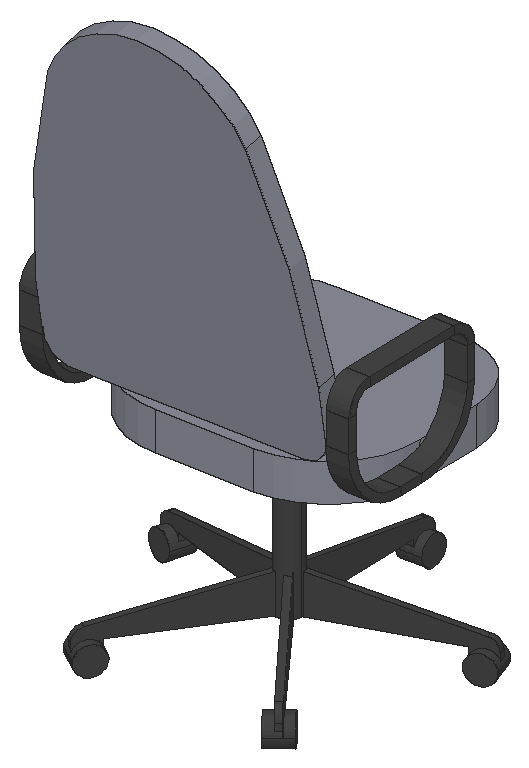
Revit family "518246f6c6eb44a38010b32f774079d0", category Furniture, Revit 2021
Family settings
  OmniClass Number = 23.40.20.14.14.11
  OmniClass Title = Chairs
  Seek Item ID = Chair-Executive-0000-USA-ENU
  Work Plane-Based = No
  Always vertical = Yes
  Cut with Voids When Loaded = No
  Shared = Yes
  Room Calculation Point = No
Parameters (values of type "Chair-Executive")
  Default Elevation = 0' - 0"
  Assembly Code = "E2020200"
  Base/Arms Material = Plastic, Opaque Black
  Casters Material = Plastic, Opaque Black
  Seat/Back Material = Textile - Slate Blue
Reference planes (in)
  plane 1 "Center (Front/Back)": y = 0.7459
  plane 2: z = 0
  plane 3 "Center (Left/Right)": x = 5.55082
  plane 4: x = 18.05082
  plane 5: x = -6.94918
  plane 6: y = -12.7541
  plane 7: y = 14.2459
  plane 8: z = 42
  plane 9 "Seat": z = 18
  plane 10: x = 7.55082
  plane 11: x = 3.55082
  plane 12: through (0, -5.18709, -0.91462) normal (0, -0.9848, -0.1736)
  plane 13: x = 16.30082
  plane 14: x = -5.19918
Forms (in)
  Extrusion 1, solid, material "Plastic, Opaque Black" <- "Base/Arms Material"
    sketch origin (7.55082, 0, 0) x (0, -1, 0) y (0, 0, 1)
      loop
        line (0.7541, 15.10959) -> (-2.7459, 15.10959) -> (-2.7459, 14.60959) -> (-0.7459, 11.14549) -> (0.7541, 11.14549) -> (0.7541, 15.10959)
    from 0 to 4
  Extrusion 2, solid, material "Plastic, Opaque Black" <- "Base/Arms Material"
    sketch origin (5.55082, 0, 0) x (0, 1, 0) y (0, 0, 1)
      loop
        line (0.7459, 2.10959) -> (12.2459, 2.10959) -> (12.2459, 1.10959) -> (14.2459, 1.10959) -> (14.2459, 2.0664)
        arc (14.2459, 2.0664) -> (14.01195, 2.70919) -> (13.41955, 3.05121) r 1
        line (13.41955, 3.05121) -> (1.7459, 5.10959) -> (0.7459, 5.10959) -> (0.7459, 2.10959)
    from 0.25 to -0.25
  Extrusion 3, solid, material "Plastic, Opaque Black" <- "Casters Material"
    sketch origin (5.55082, 0, 0) x (0, 1, 0) y (0, 0, 1)
      loop
        circle (13.2459, 1.10959) r 1.11025
    from 1 to -1
  Extrusion 4, solid, material "Plastic, Opaque Black" <- "Base/Arms Material"
    sketch origin (6.26021, 0.51541, 0) x (-0.951057, 0.309017, 0) y (0, 0, 1)
      loop
        line (0.7459, 2.10959) -> (12.2459, 2.10959) -> (12.2459, 1.10959) -> (14.2459, 1.10959) -> (14.2459, 2.0664)
        arc (14.2459, 2.0664) -> (14.01195, 2.70919) -> (13.41955, 3.05121) r 1
        line (13.41955, 3.05121) -> (1.7459, 5.10959) -> (0.7459, 5.10959) -> (0.7459, 2.10959)
    from 0.25 to -0.25
  Extrusion 5, solid, material "Plastic, Opaque Black" <- "Casters Material"
    sketch origin (6.26021, 0.51541, 0) x (-0.951057, 0.309017, 0) y (0, 0, 1)
      loop
        circle (13.2459, 1.10959) r 1.11025
    from 1 to -1
  Extrusion 6, solid, material "Plastic, Opaque Black" <- "Base/Arms Material"
    sketch origin (5.98925, 1.34935, 0) x (-0.587785, -0.809017, 0) y (0, 0, 1)
      loop
        line (0.7459, 2.10959) -> (12.2459, 2.10959) -> (12.2459, 1.10959) -> (14.2459, 1.10959) -> (14.2459, 2.0664)
        arc (14.2459, 2.0664) -> (14.01195, 2.70919) -> (13.41955, 3.05121) r 1
        line (13.41955, 3.05121) -> (1.7459, 5.10959) -> (0.7459, 5.10959) -> (0.7459, 2.10959)
    from 0.25 to -0.25
  Extrusion 7, solid, material "Plastic, Opaque Black" <- "Casters Material"
    sketch origin (5.98925, 1.34935, 0) x (-0.587785, -0.809017, 0) y (0, 0, 1)
      loop
        circle (13.2459, 1.10959) r 1.11025
    from 1 to -1
  Extrusion 8, solid, material "Plastic, Opaque Black" <- "Base/Arms Material"
    sketch origin (5.11239, 1.34935, 0) x (0.587785, -0.809017, 0) y (0, 0, 1)
      loop
        line (0.7459, 2.10959) -> (12.2459, 2.10959) -> (12.2459, 1.10959) -> (14.2459, 1.10959) -> (14.2459, 2.0664)
        arc (14.2459, 2.0664) -> (14.01195, 2.70919) -> (13.41955, 3.05121) r 1
        line (13.41955, 3.05121) -> (1.7459, 5.10959) -> (0.7459, 5.10959) -> (0.7459, 2.10959)
    from 0.25 to -0.25
  Extrusion 9, solid, material "Plastic, Opaque Black" <- "Casters Material"
    sketch origin (5.11239, 1.34935, 0) x (0.587785, -0.809017, 0) y (0, 0, 1)
      loop
        circle (13.2459, 1.10959) r 1.11025
    from 1 to -1
  Extrusion 10, solid, material "Plastic, Opaque Black" <- "Base/Arms Material"
    sketch origin (4.84143, 0.51541, 0) x (0.951057, 0.309017, 0) y (0, 0, 1)
      loop
        line (0.7459, 2.10959) -> (12.2459, 2.10959) -> (12.2459, 1.10959) -> (14.2459, 1.10959) -> (14.2459, 2.0664)
        arc (14.2459, 2.0664) -> (14.01195, 2.70919) -> (13.41955, 3.05121) r 1
        line (13.41955, 3.05121) -> (1.7459, 5.10959) -> (0.7459, 5.10959) -> (0.7459, 2.10959)
    from 0.25 to -0.25
  Extrusion 11, solid, material "Plastic, Opaque Black" <- "Casters Material"
    sketch origin (4.84143, 0.51541, 0) x (0.951057, 0.309017, 0) y (0, 0, 1)
      loop
        circle (13.2459, 1.10959) r 1.11025
    from 1 to -1
  Extrusion 12, solid, material "Plastic, Opaque Black" <- "Base/Arms Material"
    sketch origin (0, 0, 0) x (1, 0, 0) y (0, 1, 0)
      loop
        circle (5.55082, 0.7459) r 1
    from 2.10959 to 15.125
  Extrusion 13, solid, material "Textile - Slate Blue" <- "Seat/Back Material"
    sketch origin (0, 0, 0) x (1, 0, 0) y (0, 1, 0)
      loop
        arc (0.80082, 11.09827) -> (-3.44182, 9.34091) -> (-5.19918, 5.09827) r 6
        line (-5.19918, 5.09827) -> (-5.19918, -0.2541)
        arc (-5.19918, -0.2541) -> (-3.14893, -5.20385) -> (1.80082, -7.2541) r 7
        line (1.80082, -7.2541) -> (9.30082, -7.2541)
        arc (9.30082, -7.2541) -> (14.25057, -5.20385) -> (16.30082, -0.2541) r 7
        line (16.30082, -0.2541) -> (16.30082, 5.09827)
        arc (16.30082, 5.09827) -> (14.54346, 9.34091) -> (10.30082, 11.09827) r 6
        line (10.30082, 11.09827) -> (0.80082, 11.09827)
    from 15.10959 to 18
  Extrusion 14, solid, material "Textile - Slate Blue" <- "Seat/Back Material"
    sketch origin (0, -5.18709, -0.91462) x (0, 0.173648, -0.984808) y (1, 0, 0)
      loop
        line (-21.04394, -3.19918) -> (-21.04394, 14.30082)
        arc (-21.04394, 14.30082) -> (-21.62973, 15.71503) -> (-23.04394, 16.30082) r 2
        line (-23.04394, 16.30082) -> (-27.04394, 16.30082)
        arc (-27.04394, 16.30082) -> (-35.47709, 15.26623) -> (-43.67955, 13.05082) r 60
        arc (-43.67955, 13.05082) -> (-48.89567, 5.55082) -> (-43.67955, -1.94918) r 8
        arc (-43.67955, -1.94918) -> (-35.47709, -4.16459) -> (-27.04394, -5.19918) r 60
        line (-27.04394, -5.19918) -> (-23.04394, -5.19918)
        arc (-23.04394, -5.19918) -> (-21.62973, -4.61339) -> (-21.04394, -3.19918) r 2
    from 0 to -1.5
  Sweep 15, solid, material "Plastic, Opaque Black" <- "Base/Arms Material"
    path origin (16.30082, 0, 0) x (0, 1, 0) y (0, 0, 1)
      loop
        arc (-2.2541, 16.5) -> (1.28144, 17.96447) -> (2.7459, 21.5) r 5
        line (2.7459, 21.5) -> (2.7459, 24)
        arc (2.7459, 24) -> (2.16012, 25.41421) -> (0.7459, 26) r 2
        line (0.7459, 26) -> (-7.2541, 26)
        arc (-7.2541, 26) -> (-8.66831, 25.41421) -> (-9.2541, 24) r 2
        line (-9.2541, 24) -> (-9.2541, 21.5)
        arc (-9.2541, 21.5) -> (-7.78963, 17.96447) -> (-4.2541, 16.5) r 5
        line (-4.2541, 16.5) -> (-2.2541, 16.5)
    profile origin (16.30082, -3.2541, 0) x (0, 0, -1) y (1, 0, 0)
      loop
        line (-16.5548, 0) -> (-16.5548, 1.75) -> (-17.1798, 1.75) -> (-17.1798, 0) -> (-16.5548, 0)
  Sweep 16, solid, material "Plastic, Opaque Black" <- "Base/Arms Material"
    path origin (-5.19918, 0, 0) x (0, 1, 0) y (0, 0, 1)
      loop
        arc (-2.2541, 16.5) -> (1.28144, 17.96447) -> (2.7459, 21.5) r 5
        line (2.7459, 21.5) -> (2.7459, 24)
        arc (2.7459, 24) -> (2.16012, 25.41421) -> (0.7459, 26) r 2
        line (0.7459, 26) -> (-7.2541, 26)
        arc (-7.2541, 26) -> (-8.66831, 25.41421) -> (-9.2541, 24) r 2
        line (-9.2541, 24) -> (-9.2541, 21.5)
        arc (-9.2541, 21.5) -> (-7.78963, 17.96447) -> (-4.2541, 16.5) r 5
        line (-4.2541, 16.5) -> (-2.2541, 16.5)
    profile origin (-26.69918, -3.2541, 0) x (0, 0, -1) y (1, 0, 0)
      loop
        line (-16.5548, 21.5) -> (-17.1798, 21.5) -> (-17.1798, 19.75) -> (-16.5548, 19.75) -> (-16.5548, 21.5)
Lines and regions (in)
  Masking region 1
    outline origin (0, 0, 18) x (0, -1, 0) y (1, 0, 0)
      loop
        line (-2.69111, -5.69332) -> (-2.69111, -6.94918) -> (7.2541, -6.94918) -> (7.2541, -5.69332) -> (-2.69111, -5.69332)
      loop
        line (-2.69111, 16.77824) -> (7.2541, 16.77824) -> (7.2541, 18.05082) -> (-2.69111, 18.05082) -> (-2.69111, 16.77824)
      loop
        line (-4.11084, -5.19918) -> (2.60765, -5.19918)
        arc (2.60765, -5.19918) -> (4.19218, -5.01748) -> (5.69445, -4.48183) r 7
        arc (5.69445, -4.48183) -> (6.29075, -4.82231) -> (6.96717, -4.94047) r 1.99522
        line (6.96717, -4.94047) -> (8.74309, -4.94047)
        arc (8.74309, -4.94047) -> (9.44556, -4.6495) -> (9.73653, -3.94703) r 0.99344
        line (9.73653, -3.94703) -> (9.73653, -3.30118) -> (10.8528, -1.64007) -> (9.73653, -0.82904) -> (9.73653, 11.93068) -> (10.8528, 12.74171) -> (9.73653, 14.27813) -> (9.73653, 15.04821)
        arc (9.73653, 15.04821) -> (9.44556, 15.75067) -> (8.74309, 16.04164) r 0.99343
        line (8.74309, 16.04164) -> (6.96698, 16.04164)
        arc (6.96698, 16.04164) -> (6.29084, 15.92357) -> (5.69473, 15.58333) r 1.99503
        arc (5.69473, 15.58333) -> (4.19233, 16.11909) -> (2.60765, 16.30082) r 7
        line (2.60765, 16.30082) -> (-4.51882, 16.30082) -> (-3.31447, 16.69214) -> (-4.00064, 18.80395) -> (-5.90276, 18.18592) -> (-5.28926, 16.29778)
        arc (-5.28926, 16.29778) -> (-9.40791, 14.47539) -> (-11.09827, 10.30082) r 6
        line (-11.09827, 10.30082) -> (-11.09827, 5.80082) -> (-12.13565, 5.80082) -> (-12.13565, 6.55082) -> (-14.35615, 6.55082) -> (-14.35615, 4.55082) -> (-12.13565, 4.55082) -> (-12.13565, 5.30082) -> (-11.09827, 5.30082) -> (-11.09827, 0.80082)
        arc (-11.09827, 0.80082) -> (-9.34091, -3.44182) -> (-5.09827, -5.19918) r 6
        line (-5.09827, -5.19918) -> (-5.90276, -7.08428) -> (-4.00064, -7.70231) -> (-3.31447, -5.5905) -> (-4.11084, -5.19918)
  symbolic lines
    curve 1: line (-3.94703, -9.73653, 18) -> (15.04821, -9.73653, 18)
    curve 2: line (-4.94047, -8.74309, 18) -> (-4.94047, -6.96717, 18)
    curve 3: line (-2.94526, -4.97195, 18) -> (14.04661, -4.97195, 18)
    curve 4: line (16.04164, -8.74309, 18) -> (16.04164, -6.96698, 18)
    curve 5: arc (-2.94526, -4.97195, 18) -> (-4.35609, -5.55634, 18) -> (-4.94047, -6.96717, 18) r 1.99522
    curve 6: arc (14.04661, -4.97195, 18) -> (15.45731, -5.55629, 18) -> (16.04164, -6.96698, 18) r 1.99503
    curve 7: arc (-4.94047, -8.74309, 18) -> (-4.6495, -9.44556, 18) -> (-3.94703, -9.73653, 18) r 0.99344
    curve 8: arc (16.04164, -8.74309, 18) -> (15.75067, -9.44556, 18) -> (15.04821, -9.73653, 18) r 0.99343
    curve 9: line (0.80082, 11.09827, 18) -> (10.30082, 11.09827, 18)
    curve 10: line (-5.19918, 5.09827, 18) -> (-5.19918, -2.60765, 18)
    curve 11: line (16.30082, 5.09827, 18) -> (16.30082, -2.60765, 18)
    curve 12: arc (0.80082, 11.09827, 18) -> (-3.44182, 9.34091, 18) -> (-5.19918, 5.09827, 18) r 6
    curve 13: arc (10.30082, 11.09827, 18) -> (14.54346, 9.34091, 18) -> (16.30082, 5.09827, 18) r 6
    curve 14: arc (16.30082, -2.60765, 18) -> (16.11909, -4.19233, 18) -> (15.58333, -5.69473, 18) r 7
    curve 15: arc (-5.19918, -2.60765, 18) -> (-5.01748, -4.19218, 18) -> (-4.48183, -5.69445, 18) r 7
    curve 16: line (4.55082, 14.35615, 18) -> (6.55082, 14.35615, 18)
    curve 17: line (4.55082, 14.35615, 18) -> (4.55082, 12.13565, 18)
    curve 18: line (4.55082, 12.13565, 18) -> (6.55082, 12.13565, 18)
    curve 19: line (6.55082, 14.35615, 18) -> (6.55082, 12.13565, 18)
    curve 20: line (16.29778, 5.28926, 18) -> (18.18592, 5.90276, 18)
    curve 21: line (18.18592, 5.90276, 18) -> (18.80395, 4.00064, 18)
    curve 22: line (18.80395, 4.00064, 18) -> (16.69214, 3.31447, 18)
    curve 23: line (16.69214, 3.31447, 18) -> (16.30082, 4.51882, 18)
    curve 24: line (11.93068, -9.73653, 18) -> (12.74171, -10.8528, 18)
    curve 25: line (12.74171, -10.8528, 18) -> (14.27813, -9.73653, 18)
    curve 26: line (-0.82904, -9.73653, 18) -> (-1.64007, -10.8528, 18)
    curve 27: line (-1.64007, -10.8528, 18) -> (-3.30118, -9.73653, 18)
    curve 28: line (-7.70231, 4.00064, 18) -> (-7.08428, 5.90276, 18)
    curve 29: line (-7.08428, 5.90276, 18) -> (-5.19918, 5.09827, 18)
    curve 30: line (-7.70231, 4.00064, 18) -> (-5.5905, 3.31447, 18)
    curve 31: line (-5.5905, 3.31447, 18) -> (-5.19918, 4.11084, 18)
    curve 32: line (5.30082, 12.13565, 18) -> (5.80082, 12.13565, 18)
    curve 33: line (5.30082, 12.13565, 18) -> (5.30082, 11.09827, 18)
    curve 34: line (5.30082, 11.09827, 18) -> (5.80082, 11.09827, 18)
    curve 35: line (5.80082, 12.13565, 18) -> (5.80082, 11.09827, 18)
    curve 36: line (-6.94918, 2.69111, 18) -> (-5.69332, 2.69111, 18)
    curve 37: line (-6.94918, 2.69111, 18) -> (-6.94918, -7.2541, 18)
    curve 38: line (-6.94918, -7.2541, 18) -> (-5.69332, -7.2541, 18)
    curve 39: line (-5.69332, 2.69111, 18) -> (-5.69332, -7.2541, 18)
    curve 40: line (18.05082, 2.69111, 18) -> (16.77824, 2.69111, 18)
    curve 41: line (18.05082, 2.69111, 18) -> (18.05082, -7.2541, 18)
    curve 42: line (18.05082, -7.2541, 18) -> (16.77824, -7.2541, 18)
    curve 43: line (16.77824, 2.69111, 18) -> (16.77824, -7.2541, 18)
Dimensions and locks (in)
  equal spacing: plane 5, plane 3 "Center (Left/Right)", plane 4
  plane 5 to plane 4 = 2' - 1"
  equal spacing: plane 6, plane 1 "Center (Front/Back)", plane 7
  plane 6 to plane 7 = 2' - 3"
Automatic sketch dimensions
  curve 13 to plane 13 = 0' - 0"
  curve 29 to plane 14 = 0' - 0"
  curve 37 to plane 5 = 0' - 0"
  curve 40 to plane 4 = 0' - 0"
  curve 16 to plane 7 = 0' - 0.11025"
  plane 3 "Center (Left/Right)" to curve 32 = 0' - 0 1/4"
  plane 7 to curve 32 = 0' - 2.11025"
  curve 19 to curve 32 = 0' - 0"
  curve 33 to plane 3 "Center (Left/Right)" = 0' - 0 1/4"
  curve 32 to curve 33 = 0' - 1.03738"
  plane 7 to curve 13 = 0' - 3.14763"
  plane 5 to curve 28 = 0' - 0.1351"
  curve 20 to plane 4 = 0' - 0.1351"
  curve 20 to plane 13 = 0' - 0.00304"
  curve 20 to curve 20 = 0' - 0.61349"
  curve 28 to curve 10 = 0' - 0.80448"
  plane 11 to curve 12 = 0' - 2 3/4"
  curve 20 to curve 13 = 0' - 0.19099"
  curve 11 to curve 23 = 0' - 0.57945"
  curve 10 to curve 31 = 0' - 0.98743"
  plane 5 to curve 30 = 0' - 0.75313"
  plane 13 to curve 23 = 0' - 0.39132"
  curve 31 to plane 14 = 0' - 0.39132"
  curve 31 to curve 31 = 0' - 0.79637"
  curve 22 to curve 43 = 0' - 0.62337"
  curve 30 to curve 36 = 0' - 0.62337"
  plane 1 "Center (Front/Back)" to curve 15 = 0' - 3.35355"
  curve 14 to curve 3 = 0' - 2.3643"
  plane 14 to curve 15 = 0' - 0.71735"
  curve 3 to curve 15 = 0' - 0.72249"
  curve 14 to plane 13 = 0' - 0.71749"
  curve 3 to curve 14 = 0' - 0.72277"
  curve 4 to plane 13 = 0' - 0.25918"
  plane 14 to curve 5 = 0' - 0.25871"
  curve 4 to curve 43 = 0' - 0.28712"
  curve 2 to curve 38 = 0' - 0.28693"
  curve 2 to curve 7 = 0' - 1.77592"
  curve 24 to plane 6 = 0' - 3.01757"
  curve 8 to curve 8 = 0' - 0.99343"
  curve 7 to curve 27 = 0' - 0.99344"
  curve 26 to curve 26 = 0' - 1.11628"
  curve 24 to curve 25 = 0' - 1.11628"
  curve 39 to plane 14 = 0' - 0.49414"
  curve 1 to curve 27 = 0' - 0.64586"
  curve 27 to curve 27 = 0' - 1.66111"
  curve 26 to curve 26 = 0' - 0.81102"
  curve 16 to plane 3 "Center (Left/Right)" = 0' - 1"
  plane 3 "Center (Left/Right)" to curve 16 = 0' - 1"
  curve 24 to curve 24 = 0' - 0.81102"
  curve 25 to curve 8 = 0' - 0.77008"
  plane 13 to curve 43 = 0' - 0.47742"
  Masking region 1 sketch curve to plane 14 = 0' - 0"  (x2)
  Masking region 1 sketch curve to plane 4 = 0' - 0"
  Masking region 1 sketch curve to plane 5 = 0' - 0"
  plane 5 to Masking region 1 sketch curve = 0' - 0.1351"
  Masking region 1 sketch curve to plane 1 "Center (Front/Back)" = 0' - 5.15685"
  Masking region 1 sketch curve to Masking region 1 sketch curve = 0' - 0.80448"
  Masking region 1 sketch curve to Masking region 1 sketch curve = 0' - 0.98743"
  plane 5 to Masking region 1 sketch curve = 0' - 0.75313"
  Masking region 1 sketch curve to Masking region 1 sketch curve = 0' - 1.90211"
  Masking region 1 sketch curve to plane 14 = 0' - 0.39132"
  Masking region 1 sketch curve to plane 1 "Center (Front/Back)" = 0' - 1.9452"
  Masking region 1 sketch curve to Masking region 1 sketch curve = 0' - 0.62337"  (x2)
  plane 1 "Center (Front/Back)" to Masking region 1 sketch curve = 0' - 3.35355"  (x2)
  plane 14 to Masking region 1 sketch curve = 0' - 0.71735"
  Masking region 1 sketch curve to Masking region 1 sketch curve = 0' - 3.0868"
  Masking region 1 sketch curve to plane 13 = 0' - 0.71749"
  Masking region 1 sketch curve to Masking region 1 sketch curve = 0' - 3.08708"
  Masking region 1 sketch curve to plane 13 = 0' - 0.25918"
  Masking region 1 sketch curve to Masking region 1 sketch curve = 0' - 1.27225"
  Masking region 1 sketch curve to Masking region 1 sketch curve = 0' - 1.27272"
  Masking region 1 sketch curve to Masking region 1 sketch curve = 0' - 0.28712"
  Masking region 1 sketch curve to Masking region 1 sketch curve = 0' - 0.28693"
  Masking region 1 sketch curve to Masking region 1 sketch curve = 0' - 1.77592"
  Masking region 1 sketch curve to Masking region 1 sketch curve = 0' - 1.48899"
  Masking region 1 sketch curve to Masking region 1 sketch curve = 0' - 0.99343"
  Masking region 1 sketch curve to plane 14 = 0' - 0.49414"
  plane 14 to Masking region 1 sketch curve = 0' - 0.25871"
  plane 13 to Masking region 1 sketch curve = 0' - 0.47742"
  Masking region 1 sketch curve to plane 6 = 0' - 1.90129"
  Masking region 1 sketch curve to Masking region 1 sketch curve = 0' - 0.64586"
  Masking region 1 sketch curve to Masking region 1 sketch curve = 0' - 1.66111"
  Masking region 1 sketch curve to Masking region 1 sketch curve = 0' - 1.11628"  (x2)
  Masking region 1 sketch curve to Masking region 1 sketch curve = 0' - 0.81102"  (x2)
  Masking region 1 sketch curve to Masking region 1 sketch curve = 0' - 0.99344"
  Masking region 1 sketch curve to Masking region 1 sketch curve = 0' - 3.11753"
  Masking region 1 sketch curve to plane 4 = 0' - 0.1351"
  Masking region 1 sketch curve to plane 13 = 0' - 0.00304"
  Masking region 1 sketch curve to plane 4 = 0' - 0.75313"
  plane 13 to Masking region 1 sketch curve = 0' - 0.39132"
  Masking region 1 sketch curve to Masking region 1 sketch curve = 0' - 2.58828"
  plane 11 to Masking region 1 sketch curve = 0' - 2 3/4"
  Masking region 1 sketch curve to plane 10 = 0' - 2 3/4"
  Masking region 1 sketch curve to plane 13 = 0' - 0"
  plane 3 "Center (Left/Right)" to Masking region 1 sketch curve = 0' - 0 1/4"
  Masking region 1 sketch curve to Masking region 1 sketch curve = 0' - 0"  (x2)
  Masking region 1 sketch curve to Masking region 1 sketch curve = 0' - 1.03738"
  plane 3 "Center (Left/Right)" to Masking region 1 sketch curve = 0' - 1"
  Masking region 1 sketch curve to plane 7 = 0' - 0.11025"
  Masking region 1 sketch curve to plane 3 "Center (Left/Right)" = 0' - 1"
  Masking region 1 sketch curve to plane 3 "Center (Left/Right)" = 0' - 0 1/4"
